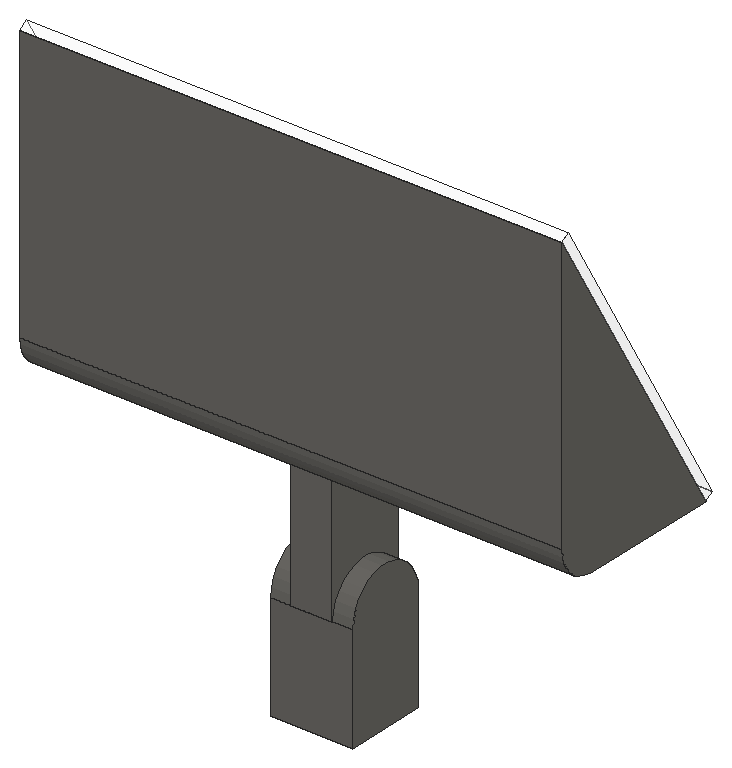
Revit family
Parameters
  Wattage = 150 W
  built-in parameter 1150110 = 1 (stored number, unit not read)
  built-in parameter 1114217 = 1 (stored number, unit not read)
  built-in parameter 1150109 = 1 (stored number, unit not read)
  built-in parameter 1150134 = 3
  built-in parameter 1150113 = 1 (stored number, unit not read)
  Material Light Fitting = Metal - Grey Dark
  Material Lamp Glazing = Glass - White Frosted
  built-in parameter 1150105 = 859.44 (stored number, unit not read)
  Lumens = 2700 lm
  built-in parameter 1150115 = 1 (stored number, unit not read)
  Light Source Symbol Size = 609.6 mm
  built-in parameter 1150137 = (empty or 0)
  built-in parameter 1150139 = (empty or 0)
  built-in parameter 1150112 = 1 (stored number, unit not read)
  built-in parameter 1150114 = 1 (stored number, unit not read)
  built-in parameter 1150132 = (empty or 0)
  built-in parameter 1150102 = (empty or 0)
  built-in parameter 1150107 = 3200 (stored number, unit not read)
  built-in parameter 1150138 = (empty or 0)
  built-in parameter 1150106 = 8.5944 (stored number, unit not read)
  built-in parameter 1150104 = 1.6723 (stored number, unit not read)
  Dimming Lamp Color Temperature Shift = (empty or 0)
  Color Filter = 16777215
  built-in parameter 1114218 = 1 (stored number, unit not read)
  built-in parameter 1150133 = 10 (stored number, unit not read)
Reference planes
  plane 1 "Light Source Axis (F/B)": through (0, 107.04, 34.496) normal (0, -0.866, -0.5)
  plane 2: z = 0
  plane 3 "Light Source Axis (L/R)": x = 0
  plane 4 "Light Source Elevation": through (0, 1220.772, 888.817) normal (0, 0.5, -0.866)
  plane 5: y = 0
  plane 6: through (-7000, 15.541, 192.976) normal (0, 0.5, -0.866)
Forms (mm)
  Extrusion 1, solid, material "Metal - Grey Dark" <- "Material Light Fitting"
    sketch origin (-40, 5, 0) x (0, 1, 0) y (0, 0, 1)
      loop
        line (-25, 0) -> (15, 0) -> (15, 52)
        arc (15, 52) -> (-5, 72) -> (-25, 52) r 20
        line (-25, 52) -> (-25, 0)
    from 20 to 60
  Extrusion 2, solid, material "Metal - Grey Dark" <- "Material Light Fitting"
    sketch origin (-132.5, 87.301, 52) x (0, 0, -1) y (0, -1, 0)
      loop
        line (-80, 120) -> (-214.531, 120) -> (-62.422, 32.18) -> (-62.422, 102.422)
        arc (-62.422, 102.422) -> (-67.57, 114.851) -> (-80, 120) r 17.578
    from 0 to -265
  Extrusion 3, solid, material "Metal - Grey Dark" <- "Material Light Fitting"
    sketch origin (10, 52, 52) x (0, 0, 1) y (0, -1, 0)
      loop
        arc (0, 72) -> (20, 52) -> (0, 32) r 20
        line (0, 32) -> (62.422, 32) -> (62.422, 72) -> (0, 72)
    from 0 to -20
  Extrusion 4, solid, material "Glass - White Frosted" <- "Material Lamp Glazing"
    sketch origin (-132.5, 87.301, 52) x (0, 0, -1) y (0, -1, 0)
      loop
        line (-214.531, 120) -> (-217.031, 115.67) -> (-64.922, 27.85) -> (-62.422, 32.18) -> (-214.531, 120)
    from 0 to -265
Dimensions and locks
  Extrusion 3 sketch curve to Extrusion 3 sketch curve = 62.422 mm
  angle Extrusion 3 sketch curve to Extrusion 2 = 90.00°
  aligned and locked: level to plane 2
  aligned and locked: plane 3 "Light Source Axis (L/R)" to imposter light
  aligned and locked: plane 1 "Light Source Axis (F/B)" to Extrusion 4
  aligned and locked: plane 1 "Light Source Axis (F/B)" to imposter light
  aligned and locked: plane 4 "Light Source Elevation" to plane 6
  aligned and locked: imposter light to plane 4 "Light Source Elevation"
